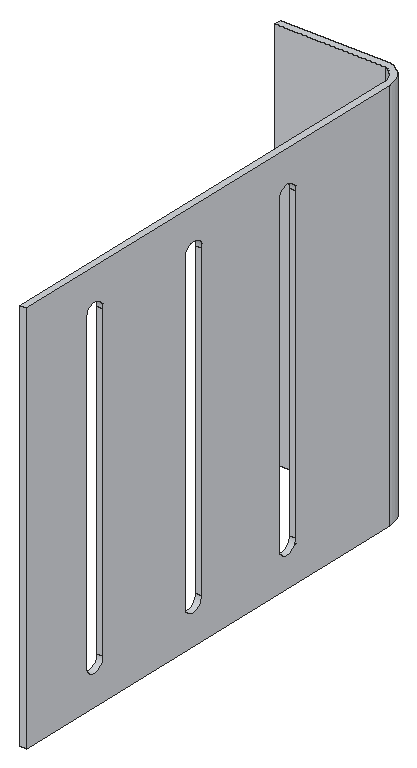
Revit family "BIMSF_SideClip", category Structural Connections, Revit 2024
Family settings
  Material for Model Behavior = Other
  Work Plane-Based = No
  Enable Cutting in Views = No
  Always vertical = Yes
  Cut with Voids When Loaded = No
  Shared = No
Parameters (values of type "5-1/2"")
  height = 0' - 4 1/2"
  halfHeight = height / 2  # 0' - 2 1/4"
  Weight = 0.00 lbf/ft
  Reported Length [instance] = 0' - 5 1/2"
  BOM_Weight = 0.00 lbf
  BIMSF_Filter = "DefCon-Clip"  # constant formula
  Assembly Code = ""
Reference planes (in)
  plane 1 "Center (Front/Back)": y = 0
  plane 2: z = 0
  plane 3 "Center (Left/Right)": x = 0
Forms (in)
  Extrusion 1, solid
    sketch origin (0, -1.41971, 0) x (1, 0, 0) y (0, 1, 0)
      loop
        arc (0, 1.09642) -> (-0.06979, 1.30076) -> (-0.25, 1.41971) r 0.33403
        line (-0.25, 1.41971) -> (-1.5, 1.41971) -> (-1.5, 1.34423) -> (-0.24738, 1.34423)
        arc (-0.24738, 1.34423) -> (-0.11933, 1.24862) -> (-0.0706, 1.09642) r 0.26209
        line (-0.0706, 1.09642) -> (-0.0706, -4.08029) -> (0, -4.08029) -> (0, 1.09642)
    from -2.25 to 2.25
  Extrusion 2, void
    sketch origin (0, 0, 0) x (0, 1, 0) y (0, 0, 1)
      loop
        arc (-1.65423, 1.76451) -> (-1.77923, 1.88951) -> (-1.90423, 1.76451) r 0.125
        line (-1.90423, 1.76451) -> (-1.90423, -1.78871)
        arc (-1.90423, -1.78871) -> (-1.77923, -1.91371) -> (-1.65423, -1.78871) r 0.125
        line (-1.65423, -1.78871) -> (-1.65423, 1.76451)
      loop
        arc (-2.99522, 1.76451) -> (-3.12022, 1.88951) -> (-3.24522, 1.76451) r 0.125
        line (-3.24522, 1.76451) -> (-3.24522, -1.78871)
        arc (-3.24522, -1.78871) -> (-3.12022, -1.91371) -> (-2.99522, -1.78871) r 0.125
        line (-2.99522, -1.78871) -> (-2.99522, 1.76451)
      loop
        arc (-4.40423, 1.76451) -> (-4.52923, 1.88951) -> (-4.65423, 1.76451) r 0.125
        line (-4.65423, 1.76451) -> (-4.65423, -1.78871)
        arc (-4.65423, -1.78871) -> (-4.52923, -1.91371) -> (-4.40423, -1.78871) r 0.125
        line (-4.40423, -1.78871) -> (-4.40423, 1.76451)
    from -5.28667 to 12
Cuts and joins
  Extrusion 2 cuts Extrusion 1
Dimensions and locks (in)
  "height": Extrusion 1 to Extrusion 1
  "halfHeight": Extrusion 1 to level
  Extrusion 1 to Extrusion 1 = 0' - 5 1/2"
  "Reported Length": cut or joined group of Extrusion 1, Extrusion 2 to plane 1 "Center (Front/Back)"
  aligned and locked: plane 2 to level
Automatic sketch dimensions
  plane 1 "Center (Front/Back)" to Extrusion 1 sketch curve = 0' - 0"
  Extrusion 1 sketch curve to plane 3 "Center (Left/Right)" = 0' - 0"
  Extrusion 1 sketch curve to Extrusion 1 sketch curve = 0' - 0.0706"
  plane 1 "Center (Front/Back)" to Extrusion 1 sketch curve = 0' - 0.07548"
  Extrusion 1 sketch curve to plane 3 "Center (Left/Right)" = 0' - 0.24738"
  Extrusion 1 sketch curve to Extrusion 1 sketch curve = 0' - 0.00262"
  Extrusion 1 sketch curve to Extrusion 1 sketch curve = 0' - 0.08531"
  Extrusion 1 sketch curve to Extrusion 1 sketch curve = 0' - 0.00134"
  Extrusion 1 sketch curve to Extrusion 1 sketch curve = 0' - 1.16597"
  Extrusion 1 sketch curve to Extrusion 1 sketch curve = 0' - 5.17671"
  plane 1 "Center (Front/Back)" to Extrusion 2 sketch curve = 0' - 4.65423"
  Extrusion 2 sketch curve to Extrusion 2 sketch curve = 0' - 0 1/8"  (x3)
  Extrusion 2 sketch curve to Extrusion 2 sketch curve = 0' - 1.15901"
  Extrusion 2 sketch curve to Extrusion 2 sketch curve = 0' - 1.09099"
  Extrusion 2 sketch curve to level = 0' - 1.78871"  (x2)
  Extrusion 2 sketch curve to Extrusion 2 sketch curve = 0' - 0"  (x3)
  level to Extrusion 2 sketch curve = 0' - 1.76451"
